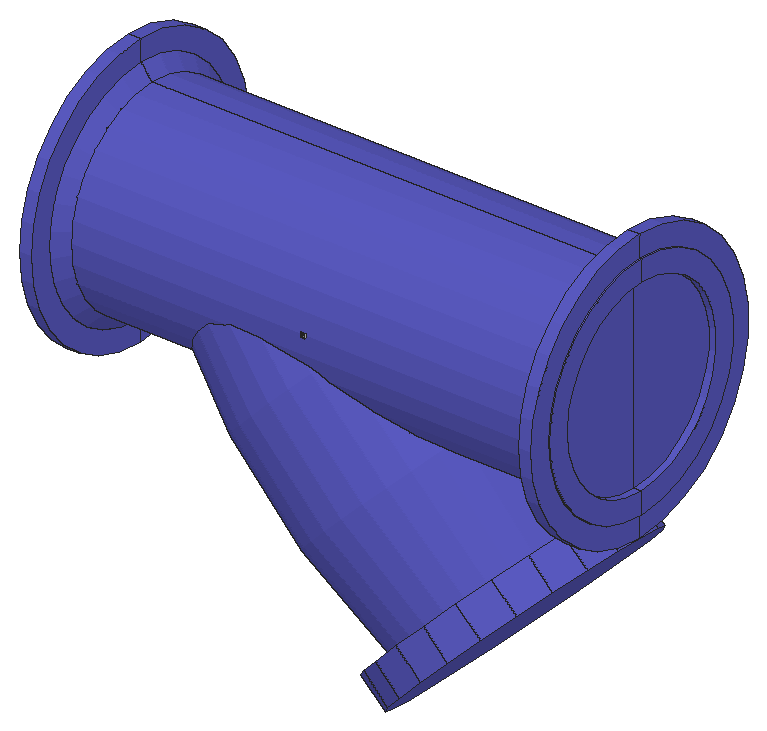
Revit family "HERZ Strainer 4111", category Rohrzubehör, Revit 2020
Family settings
  Bemaßung runder Anschluss = Durchmesser verwenden
  Teiletyp = Unterbricht
  OmniClass-Nummer = 23.65.55.14
  OmniClass-Titel = Valves for Liquid Services
  Arbeitsebenenbasiert = Nein
  Immer vertikal = Ja
  Beim Laden mit Abzugskörper schneiden = Nein
  Gemeinsam genutzt = Nein
Parameters
  Weight [instance] = size_lookup("4111_F_", "Gew", 0, Nennweite)  # 505
  Vorgabe-Ansicht = 0.000 mm
  Part number [instance] = size_lookup("4111_F_", "Artnr", 0, Nennweite)  # 4411190
  PN = 1600000.0 Pa  # constant formula
  kvs [instance] = if(Nennweite = 50.000 mm, 51, if(Nennweite = 65.000 mm, 70, if(Nennweite = 80.000 mm, 114, if(Nennweite = 100.000 mm, 197, if(Nennweite = 125.000 mm, 271, if(Nennweite = 150.000 mm, 349, if(Nennweite = 200.000 mm, 449, if(Nennweite = 250.000 mm, 994, if(Nennweite = 300.000 mm, 1566, if(Nennweite = 350.000 mm, 2461, 3645))))))))))  # 3645
  Reinforcing frame = "stainless steel"  # constant formula
  W02 = 45.00°  # constant formula
  W01 = 140.00°  # constant formula
  Plug sealing = "copper"  # constant formula
  Plug = "steel St37"  # constant formula
  URL = "www.herzvalves.com"
  Schrauben [instance] = if(Nennweite = 50.000 mm, "4x M16x60", if(Nennweite = 65.000 mm, "4x M16x60", if(Nennweite = 80.000 mm, "8x M16x65", if(Nennweite = 100.000 mm, "8x M16x65", if(Nennweite = 125.000 mm, "8x M16x70", if(Nennweite = 150.000 mm, "8x M20x70", if(Nennweite = 200.000 mm, "12x M20x75", if(Nennweite = 250.000 mm, "12x M24x85", if(Nennweite = 300.000 mm, "12x M24x85", if(Nennweite = 350.000 mm, "16x M24x90", "16x M27x100"))))))))))  # "16x M27x100"
  SCRNSEQ = "AWI;AWI_TYP=\"1011\";2"
  SCRNCODE = "05;15;02"  # constant formula
  S01 [instance] = 2 * FLD01  # 580.000 mm
  R02 [instance] = size_lookup("4111_F_", "R2", 1.000 mm, Nennweite)  # 221.000 mm
  R01 [instance] = size_lookup("4111_F_", "R1", 1.000 mm, Nennweite)  # 250.000 mm
  Nennweite [instance] = 400.000 mm
  Min. operating temperature = -10 °C  # constant formula
  Medium = "Heating water quality according ÖNORM H5195 or VDI-Standard 2035. The use of ethylene or propylene glycol in a mixing ratio 25-50% is allowed."
  Max. operating temperature = 120 °C  # constant formula
  L02 [instance] = size_lookup("4111_F_", "L2", 1.000 mm, Nennweite)  # 301.000 mm
  Hersteller = "HERZ Armaturen Ges.m.b.H."  # constant formula
  L01 [instance] = size_lookup("4111_F_", "L1", 1.000 mm, Nennweite)  # 550.000 mm
  H01 [instance] = size_lookup("4111_F_", "H1", 1.000 mm, Nennweite)  # 479.500 mm
  Filter (DN50-DN80) = "AISI 304, mesh size 600 μm"  # constant formula
  Filter (DN100-DN400) = "AISI 304, mesh size 1500 μm"  # constant formula
  FLL02 [instance] = size_lookup("4111_F_", "FLL2", 1.000 mm, Nennweite)  # 30.000 mm
  FLL01 [instance] = size_lookup("4111_F_", "FLL1", 1.000 mm, Nennweite)  # 4.000 mm
  FLD02 [instance] = size_lookup("4111_F_", "FLD2", 1.000 mm, Nennweite)  # 245.000 mm
  FLD01 [instance] = size_lookup("4111_F_", "FLD1", 1.000 mm, Nennweite)  # 290.000 mm
  Seal = "Klingerit"  # constant formula
  DN80 [instance] = Nennweite = 80.000 mm  # no
  DN65 [instance] = Nennweite = 65.000 mm  # no
  DN50 [instance] = Nennweite = 50.000 mm  # no
  DN400 [instance] = Nennweite = 400.000 mm  # yes
  DN350 [instance] = Nennweite = 350.000 mm  # no
  DN300 [instance] = Nennweite = 300.000 mm  # no
  DN250 [instance] = Nennweite = 250.000 mm  # no
  DN200 [instance] = Nennweite = 200.000 mm  # no
  DN150 [instance] = Nennweite = 150.000 mm  # no
  DN125 [instance] = Nennweite = 125.000 mm  # no
  DN100 [instance] = Nennweite = 100.000 mm  # no
  DN [instance] = Nennweite / 2  # 200.000 mm
  D01 [instance] = size_lookup("4111_F_", "D1", 1.000 mm, Nennweite)  # 216.000 mm
  Body = "GG25"  # constant formula
  Bonnet = "GG25"  # constant formula
  Application = "For hot and cold water systems for fluids excluding acid and flammable fluids."
Reference planes
  plane 1 "Mitte (Vorne/hinten)": y = 0
  plane 2: z = 0
  plane 3 "Mitte (Links/rechts)": x = 0
Forms (mm)
  Revolve 1, solid, material "Herz-Marineblau", detail levels fine
    sketch origin (0, 0, 0) x (1, 0, 0) y (0, 0, 1)
      loop
        line (-546, 245) -> (-550, 245) -> (-550, 200) -> (-533.79, 200) -> (-533.79, 0) -> (533.79, 0) -> (533.79, 200) -> (550, 200) -> (550, 245) -> (546, 245) -> (546, 290) -> (520, 290) -> (520, 234.5) -> (504.477, 216) -> (-495.666, 216) -> (-520, 245) -> (-520, 290) -> (-546, 290) -> (-546, 245)
      axis (-550, 0) -> (550, 0)
    angle from 0 to 360
  Revolve 2, solid, material "Herz-Marineblau", detail levels fine
    sketch origin (0, 0, 0) x (1, 0, 0) y (0, 0, 1)
      loop
        line (-230.5, 0) -> (-371.921, -141.421)
        arc (-371.921, -141.421) -> (-167.867, -415.168) -> (92.729, -635.771) r 1502.314
        line (92.729, -635.771) -> (249, -479.5) -> (-230.5, 0)
      axis (-230.5, 0) -> (249, -479.5)
    angle from 0 to 360
  Extrusion 3, solid, material "Herz-Marineblau", visible <- "DN50", detail levels fine
    sketch origin (12, 0, -74) x (0, 1, 0) y (0.707107, 0, 0.707107)
      loop
        arc (50, 40) -> (47.071, 47.071) -> (40, 50) r 10
        line (40, 50) -> (-40, 50)
        arc (-40, 50) -> (-47.071, 47.071) -> (-50, 40) r 10
        line (-50, 40) -> (-50, -40)
        arc (-50, -40) -> (-47.071, -47.071) -> (-40, -50) r 10
        line (-40, -50) -> (40, -50)
        arc (40, -50) -> (47.071, -47.071) -> (50, -40) r 10
        line (50, -40) -> (50, 40)
    from 30.5 to 0
  Extrusion 4, solid, material "Herz-Marineblau", visible <- "DN65", detail levels fine
    sketch origin (17, 0, -102.5) x (0, 1, 0) y (0.707107, 0, 0.707107)
      loop
        line (-60, 40) -> (-60, -40)
        arc (-60, -40) -> (-54.142, -54.142) -> (-40, -60) r 20
        line (-40, -60) -> (40, -60)
        arc (40, -60) -> (54.142, -54.142) -> (60, -40) r 20
        line (60, -40) -> (60, 40)
        arc (60, 40) -> (54.142, 54.142) -> (40, 60) r 20
        line (40, 60) -> (-40, 60)
        arc (-40, 60) -> (-54.142, 54.142) -> (-60, 40) r 20
    from 33 to 0
  Extrusion 5, solid, material "Herz-Marineblau", visible <- "DN80", detail levels fine
    sketch origin (44, 0, -118) x (0, 1, 0) y (0.707107, 0, 0.707107)
      loop
        line (-67, 47) -> (-67, -47)
        arc (-67, -47) -> (-61.142, -61.142) -> (-47, -67) r 20
        line (-47, -67) -> (47, -67)
        arc (47, -67) -> (61.142, -61.142) -> (67, -47) r 20
        line (67, -47) -> (67, 47)
        arc (67, 47) -> (61.142, 61.142) -> (47, 67) r 20
        line (47, 67) -> (-47, 67)
        arc (-47, 67) -> (-61.142, 61.142) -> (-67, 47) r 20
    from 34 to 0
  Extrusion 6, solid, material "Herz-Marineblau", visible <- "DN100", detail levels fine
    sketch origin (43, -449.258, -142) x (0, 1, 0) y (0.707107, 0, 0.707107)
      loop
        line (544.008, 0) -> (531.314, 47.375) -> (496.633, 82.056) -> (449.258, 94.75) -> (401.883, 82.056) -> (367.203, 47.375) -> (354.508, 0) -> (367.203, -47.375) -> (401.883, -82.056) -> (449.258, -94.75) -> (496.633, -82.056) -> (531.314, -47.375) -> (544.008, 0)
    from 35.5 to 0
  Extrusion 7, solid, material "Herz-Marineblau", visible <- "DN125", detail levels fine
    sketch origin (54, -422.813, -170) x (0, 1, 0) y (0.707107, 0, 0.707107)
      loop
        line (535.313, 0) -> (520.241, 56.25) -> (479.063, 97.428) -> (422.813, 112.5) -> (366.563, 97.428) -> (325.386, 56.25) -> (310.313, 0) -> (325.386, -56.25) -> (366.563, -97.428) -> (422.813, -112.5) -> (479.063, -97.428) -> (520.241, -56.25) -> (535.313, 0)
    from 44.5 to 0
  Extrusion 8, solid, material "Herz-Marineblau", visible <- "DN150", detail levels fine
    sketch origin (61.5, -490.074, -187.5) x (0, 1, 0) y (0.707107, 0, 0.707107)
      loop
        line (621.324, 0) -> (603.739, 65.625) -> (555.699, 113.666) -> (490.074, 131.25) -> (424.449, 113.666) -> (376.408, 65.625) -> (358.824, 0) -> (376.408, -65.625) -> (424.449, -113.666) -> (490.074, -131.25) -> (555.699, -113.666) -> (603.739, -65.625) -> (621.324, 0)
    from 44.7 to 0
  Extrusion 9, solid, material "Herz-Marineblau", visible <- "DN200", detail levels fine
    sketch origin (82, -429.19, -249) x (0, 1, 0) y (0.707107, 0, 0.707107)
      loop
        line (588.19, 0) -> (566.888, 79.5) -> (508.69, 137.698) -> (429.19, 159) -> (349.69, 137.698) -> (291.492, 79.5) -> (270.19, 0) -> (291.492, -79.5) -> (349.69, -137.698) -> (429.19, -159) -> (508.69, -137.698) -> (566.888, -79.5) -> (588.19, 0)
    from 47 to 0
  Extrusion 10, solid, material "Herz-Marineblau", visible <- "DN250", detail levels fine
    sketch origin (109.5, -496.545, -300) x (0, 1, 0) y (0.707107, 0, 0.707107)
      loop
        line (686.545, 0) -> (680.071, 49.176) -> (661.09, 95) -> (630.895, 134.35) -> (591.545, 164.545) -> (545.72, 183.526) -> (496.545, 190) -> (447.369, 183.526) -> (401.545, 164.545) -> (362.194, 134.35) -> (332, 95) -> (313.019, 49.176) -> (306.545, 0) -> (313.019, -49.176) -> (332, -95) -> (362.194, -134.35) -> (401.545, -164.545) -> (447.369, -183.526) -> (496.545, -190) -> (545.72, -183.526) -> (591.545, -164.545) -> (630.895, -134.35) -> (661.09, -95) -> (680.071, -49.176) -> (686.545, 0)
    from 56.5 to 0
  Extrusion 11, solid, material "Herz-Marineblau", visible <- "DN300", detail levels fine
    sketch origin (82, 617.078, -333) x (0, 1, 0) y (0.707107, 0, 0.707107)
      loop
        line (-390.078, 0) -> (-397.813, 58.752) -> (-420.49, 113.5) -> (-456.565, 160.513) -> (-503.578, 196.588) -> (-558.326, 219.265) -> (-617.078, 227) -> (-675.83, 219.265) -> (-730.578, 196.588) -> (-777.591, 160.513) -> (-813.666, 113.5) -> (-836.343, 58.752) -> (-844.078, 0) -> (-836.343, -58.752) -> (-813.666, -113.5) -> (-777.591, -160.513) -> (-730.578, -196.588) -> (-675.83, -219.265) -> (-617.078, -227) -> (-558.326, -219.265) -> (-503.578, -196.588) -> (-456.565, -160.513) -> (-420.49, -113.5) -> (-397.813, -58.752) -> (-390.078, 0)
    from 61 to 0
  Extrusion 12, solid, material "Herz-Marineblau", visible <- "DN350", detail levels fine
    sketch origin (211, 802.601, -476) x (0, 1, 0) y (0.707107, 0, 0.707107)
      loop
        line (-547.601, 0) -> (-556.29, 65.999) -> (-581.764, 127.5) -> (-622.288, 180.312) -> (-675.101, 220.836) -> (-736.602, 246.311) -> (-802.601, 255) -> (-868.6, 246.311) -> (-930.101, 220.836) -> (-982.913, 180.312) -> (-1023.437, 127.5) -> (-1048.912, 65.999) -> (-1057.601, 0) -> (-1048.912, -65.999) -> (-1023.437, -127.5) -> (-982.913, -180.312) -> (-930.101, -220.836) -> (-868.6, -246.311) -> (-802.601, -255) -> (-736.602, -246.311) -> (-675.101, -220.836) -> (-622.288, -180.312) -> (-581.764, -127.5) -> (-556.29, -65.999) -> (-547.601, 0)
    from 73 to 0
  Extrusion 13, solid, material "Herz-Marineblau", visible <- "DN400", detail levels fine
    sketch origin (249, 812.573, -479.5) x (0, 1, 0) y (0.707107, 0, 0.707107)
      loop
        line (-532.573, 0) -> (-542.114, 72.469) -> (-570.086, 140) -> (-614.583, 197.99) -> (-672.573, 242.487) -> (-740.104, 270.459) -> (-812.573, 280) -> (-885.042, 270.459) -> (-952.573, 242.487) -> (-1010.563, 197.99) -> (-1055.06, 140) -> (-1083.032, 72.469) -> (-1092.573, 0) -> (-1083.032, -72.469) -> (-1055.06, -140) -> (-1010.563, -197.99) -> (-952.573, -242.487) -> (-885.042, -270.459) -> (-812.573, -280) -> (-740.104, -270.459) -> (-672.573, -242.487) -> (-614.583, -197.99) -> (-570.086, -140) -> (-542.114, -72.469) -> (-532.573, 0)
    from 74 to 0
Lines and regions (mm)
  model lines, detail levels coarse+medium
    curve 1: line (-550, 0, 290) -> (550, 0, 290)
    curve 2: line (-550, 0, -290) -> (-550, 0, 290)
    curve 3: line (550, 0, -290) -> (-550, 0, -290)
    curve 4: line (550, 0, 290) -> (550, 0, -290)
    curve 5: line (550, 0, -290) -> (-550, 0, 290)
    curve 6: line (-550, 290, 0) -> (550, 290, 0)
    curve 7: line (-550, -290, 0) -> (-550, 290, 0)
    curve 8: line (550, -290, 0) -> (-550, -290, 0)
    curve 9: line (550, 290, 0) -> (550, -290, 0)
    curve 10: line (550, -290, 0) -> (-550, 290, 0)
Dimensions and locks
  "FLD01": Revolve 1 sketch curve to plane 2  (x2)
  "FLD02": Revolve 1 sketch curve to plane 2  (x3)
  "DN": Revolve 1 sketch curve to plane 2  (x2)
  "L01": Revolve 1 sketch curve to plane 3 "Mitte (Links/rechts)"  (x2)
  "FLL01": Revolve 1 sketch curve to Revolve 1 sketch curve  (x2)
  "FLL02": Revolve 1 sketch curve to Revolve 1 sketch curve  (x2)
  "D01": Revolve 1 sketch curve to plane 2  (x2)
  "H01": plane 2 to Revolve 2 sketch curve
  "L02": Revolve 2 sketch curve to Revolve 1
  "R02": Revolve 2 sketch curve to Revolve 2 sketch curve
  "DN": Revolve 2 sketch curve to Revolve 2 sketch curve
  "D01": nested 1 to plane 1 "Mitte (Vorne/hinten)"
  "L01": plane 3 "Mitte (Links/rechts)" to curve 2
  "L01": plane 3 "Mitte (Links/rechts)" to curve 4
  equal spacing: curve 5, plane 2, curve 3
  "S01": curve 1 to curve 3
  equal spacing: curve 8, plane 1 "Mitte (Vorne/hinten)", curve 6
  "S01": curve 8 to curve 6
  "L01": curve 7 to plane 3 "Mitte (Links/rechts)"
  "L01": plane 3 "Mitte (Links/rechts)" to curve 9
  "R01": Revolve 2 sketch curve to Revolve 2 sketch curve
  "W01": angle Revolve 1 sketch curve to Revolve 1 sketch curve  (x2)
  "W02": angle Revolve 2 sketch curve to plane 2
  aligned and locked: level to plane 2
Automatic sketch dimensions
  plane 1 "Mitte (Vorne/hinten)" to Extrusion 3 sketch curve = 50.000 mm
  Extrusion 3 sketch curve to Extrusion 3 sketch curve = 10.000 mm  (x3)
  Extrusion 3 sketch curve to plane 1 "Mitte (Vorne/hinten)" = 40.000 mm  (x2)
  Extrusion 3 sketch curve to Extrusion 3 sketch curve = 80.000 mm
  plane 1 "Mitte (Vorne/hinten)" to Extrusion 4 sketch curve = 60.000 mm
  Extrusion 4 sketch curve to Extrusion 4 sketch curve = 20.000 mm  (x3)
  Extrusion 4 sketch curve to plane 1 "Mitte (Vorne/hinten)" = 40.000 mm  (x2)
  Extrusion 4 sketch curve to Extrusion 4 sketch curve = 80.000 mm
  plane 1 "Mitte (Vorne/hinten)" to Extrusion 5 sketch curve = 67.000 mm
  Extrusion 5 sketch curve to Extrusion 5 sketch curve = 20.000 mm  (x3)
  Extrusion 5 sketch curve to plane 1 "Mitte (Vorne/hinten)" = 47.000 mm  (x2)
  Extrusion 5 sketch curve to Extrusion 5 sketch curve = 94.000 mm
  Extrusion 6 sketch curve to plane 1 "Mitte (Vorne/hinten)" = 0.000 mm  (x2)
  plane 1 "Mitte (Vorne/hinten)" to Extrusion 6 sketch curve = 47.375 mm  (x2)
  Extrusion 6 sketch curve to Extrusion 6 sketch curve = 34.681 mm  (x8)
  Extrusion 6 sketch curve to Extrusion 6 sketch curve = 12.694 mm  (x5)
  Extrusion 6 sketch curve to plane 1 "Mitte (Vorne/hinten)" = 47.375 mm  (x2)
  Extrusion 6 sketch curve to Extrusion 6 sketch curve = 47.375 mm  (x4)
  Extrusion 7 sketch curve to plane 1 "Mitte (Vorne/hinten)" = 0.000 mm  (x2)
  plane 1 "Mitte (Vorne/hinten)" to Extrusion 7 sketch curve = 56.250 mm  (x2)
  Extrusion 7 sketch curve to Extrusion 7 sketch curve = 41.178 mm  (x8)
  Extrusion 7 sketch curve to Extrusion 7 sketch curve = 15.072 mm  (x5)
  Extrusion 7 sketch curve to plane 1 "Mitte (Vorne/hinten)" = 56.250 mm  (x2)
  Extrusion 7 sketch curve to Extrusion 7 sketch curve = 56.250 mm  (x4)
  Extrusion 8 sketch curve to plane 1 "Mitte (Vorne/hinten)" = 0.000 mm  (x2)
  plane 1 "Mitte (Vorne/hinten)" to Extrusion 8 sketch curve = 65.625 mm  (x2)
  Extrusion 8 sketch curve to Extrusion 8 sketch curve = 48.041 mm  (x8)
  Extrusion 8 sketch curve to Extrusion 8 sketch curve = 17.584 mm  (x5)
  Extrusion 8 sketch curve to plane 1 "Mitte (Vorne/hinten)" = 65.625 mm  (x2)
  Extrusion 8 sketch curve to Extrusion 8 sketch curve = 65.625 mm  (x4)
  Extrusion 9 sketch curve to plane 1 "Mitte (Vorne/hinten)" = 0.000 mm  (x2)
  plane 1 "Mitte (Vorne/hinten)" to Extrusion 9 sketch curve = 79.500 mm  (x2)
  Extrusion 9 sketch curve to Extrusion 9 sketch curve = 58.198 mm  (x8)
  Extrusion 9 sketch curve to Extrusion 9 sketch curve = 21.302 mm  (x5)
  Extrusion 9 sketch curve to plane 1 "Mitte (Vorne/hinten)" = 79.500 mm  (x2)
  Extrusion 9 sketch curve to Extrusion 9 sketch curve = 79.500 mm  (x4)
  Extrusion 10 sketch curve to plane 1 "Mitte (Vorne/hinten)" = 0.000 mm  (x2)
  plane 1 "Mitte (Vorne/hinten)" to Extrusion 10 sketch curve = 49.176 mm  (x2)
  Extrusion 10 sketch curve to Extrusion 10 sketch curve = 45.824 mm  (x8)
  Extrusion 10 sketch curve to Extrusion 10 sketch curve = 39.350 mm  (x8)
  Extrusion 10 sketch curve to Extrusion 10 sketch curve = 30.195 mm  (x8)
  Extrusion 10 sketch curve to Extrusion 10 sketch curve = 18.981 mm  (x8)
  Extrusion 10 sketch curve to Extrusion 10 sketch curve = 6.474 mm  (x5)
  Extrusion 10 sketch curve to plane 1 "Mitte (Vorne/hinten)" = 49.176 mm  (x2)
  Extrusion 10 sketch curve to Extrusion 10 sketch curve = 49.176 mm  (x4)
  Extrusion 11 sketch curve to plane 1 "Mitte (Vorne/hinten)" = 0.000 mm  (x2)
  plane 1 "Mitte (Vorne/hinten)" to Extrusion 11 sketch curve = 58.752 mm  (x2)
  Extrusion 11 sketch curve to Extrusion 11 sketch curve = 54.748 mm  (x8)
  Extrusion 11 sketch curve to Extrusion 11 sketch curve = 47.013 mm  (x8)
  Extrusion 11 sketch curve to Extrusion 11 sketch curve = 36.075 mm  (x8)
  Extrusion 11 sketch curve to Extrusion 11 sketch curve = 22.677 mm  (x8)
  Extrusion 11 sketch curve to Extrusion 11 sketch curve = 7.735 mm  (x5)
  Extrusion 11 sketch curve to plane 1 "Mitte (Vorne/hinten)" = 58.752 mm  (x2)
  Extrusion 11 sketch curve to Extrusion 11 sketch curve = 58.752 mm  (x4)
  Extrusion 12 sketch curve to plane 1 "Mitte (Vorne/hinten)" = 0.000 mm  (x2)
  plane 1 "Mitte (Vorne/hinten)" to Extrusion 12 sketch curve = 65.999 mm  (x2)
  Extrusion 12 sketch curve to Extrusion 12 sketch curve = 61.501 mm  (x8)
  Extrusion 12 sketch curve to Extrusion 12 sketch curve = 52.812 mm  (x8)
  Extrusion 12 sketch curve to Extrusion 12 sketch curve = 40.524 mm  (x8)
  Extrusion 12 sketch curve to Extrusion 12 sketch curve = 25.475 mm  (x8)
  Extrusion 12 sketch curve to Extrusion 12 sketch curve = 8.689 mm  (x5)
  Extrusion 12 sketch curve to plane 1 "Mitte (Vorne/hinten)" = 65.999 mm  (x2)
  Extrusion 12 sketch curve to Extrusion 12 sketch curve = 65.999 mm  (x4)
  Extrusion 13 sketch curve to plane 1 "Mitte (Vorne/hinten)" = 0.000 mm  (x2)
  plane 1 "Mitte (Vorne/hinten)" to Extrusion 13 sketch curve = 72.469 mm  (x2)
  Extrusion 13 sketch curve to Extrusion 13 sketch curve = 67.531 mm  (x8)
  Extrusion 13 sketch curve to Extrusion 13 sketch curve = 57.990 mm  (x8)
  Extrusion 13 sketch curve to Extrusion 13 sketch curve = 44.497 mm  (x8)
  Extrusion 13 sketch curve to Extrusion 13 sketch curve = 27.972 mm  (x8)
  Extrusion 13 sketch curve to Extrusion 13 sketch curve = 9.541 mm  (x5)
  Extrusion 13 sketch curve to plane 1 "Mitte (Vorne/hinten)" = 72.469 mm  (x2)
  Extrusion 13 sketch curve to Extrusion 13 sketch curve = 72.469 mm  (x4)
  Revolve 1 sketch curve to level = 0.000 mm  (x2)
  Revolve 1 sketch curve to Revolve 1 sketch curve = 16.210 mm  (x2)
  Revolve 1 sketch curve to Revolve 1 sketch curve = 15.523 mm
  Revolve 1 sketch curve to Revolve 1 sketch curve = 1391.530 mm
  Revolve 1 sketch curve to Revolve 1 sketch curve = 1724.148 mm
  Revolve 2 sketch curve to level = 0.000 mm  (x2)
  Revolve 2 sketch curve to Revolve 2 sketch curve = 0.000 mm  (x3)
Nested families
  nested 1: "Herz-Logo-vorne" at (0, -216, 0) x (0, -1, 0) z (0, 0, 1), type "Herz-Logo-vorne", detail levels fine
Connectors
  piping at (-550, 0, 0), diameter 400, driven by "Nennweite"
    settings: on Revolve 1, index 1, connector inside diameter 609.6 mm, connector length 0.000 mm, flow factor 0, pipe flow 0.0 L/s, pressure drop 0.0 Pa, fitting loss kfactor 0, connector angle 0.00°, fixture units 0, engagement length 0.000 mm, angle of deflection 0.00°, flow configuration 0, flow direction 1, fitting loss method 0, system type 29, joint type 0, gender type 0, connector reference index -1, connector utility 0, adjustable connector no, is connector primary yes, connector description ""
  piping at (550, 0, 0), diameter 400, driven by "Nennweite"
    settings: on Revolve 1, index 2, connector inside diameter 609.6 mm, connector length 0.000 mm, flow factor 0, pipe flow 0.0 L/s, pressure drop 0.0 Pa, fitting loss kfactor 0, connector angle 0.00°, fixture units 0, engagement length 0.000 mm, angle of deflection 0.00°, flow configuration 0, flow direction 2, fitting loss method 0, system type 29, joint type 0, gender type 0, connector reference index -1, connector utility 0, adjustable connector no, is connector primary no, connector description ""
Definition of nested family "Herz-Logo-vorne"
  Parameters (values of type "Herz-Logo-vorne")
    Default Elevation = 0.000 mm
  Reference planes
    plane 1 "Mitte (Vorne/hinten)": y = 0
    plane 2: z = 0
    plane 3 "Mitte (Links/rechts)": x = 0
  Forms (mm)
    Extrusion 1, solid
      sketch origin (0.732, -0.018, 0.017) x (0, -1, 0) y (0, 0, 1)
        loop
          line (-0.018, -4.517) -> (4.482, -4.517) -> (4.482, 4.483) -> (-4.518, 4.483) -> (-4.518, -4.517) -> (-0.018, -4.517)
        loop
          line (-0.05, -3.48) -> (3.482, -3.48) -> (3.482, 3.483) -> (-3.518, 3.483) -> (-3.518, -3.48) -> (-0.05, -3.48)
        loop
          arc (-0.018, 2.383) -> (-1.543, 3.287) -> (-3.067, 2.383) r 1.738
          arc (-3.067, 2.383) -> (-3.191, 1.899) -> (-3.067, 1.415) r 1.009
          line (-3.067, 1.415) -> (-0.018, -3.281) -> (3.032, 1.415)
          arc (3.032, 1.415) -> (3.156, 1.899) -> (3.032, 2.383) r 1.009
          arc (3.032, 2.383) -> (1.507, 3.287) -> (-0.018, 2.383) r 1.738
        loop
          arc (1.885, 1.272) -> (2.005, 1.675) -> (1.885, 2.079) r 0.74
          arc (1.885, 2.079) -> (1.265, 2.416) -> (0.644, 2.079) r 0.74
          line (0.644, 2.079) -> (-0.018, 0.97) -> (-0.679, 2.079)
          arc (-0.679, 2.079) -> (-1.3, 2.416) -> (-1.921, 2.079) r 0.74
          arc (-1.921, 2.079) -> (-2.04, 1.675) -> (-1.921, 1.272) r 0.74
          line (-1.921, 1.272) -> (-0.018, -1.658) -> (1.885, 1.272)
      from 0 to 1.5
  Dimensions and locks
    aligned and locked: level to plane 2
